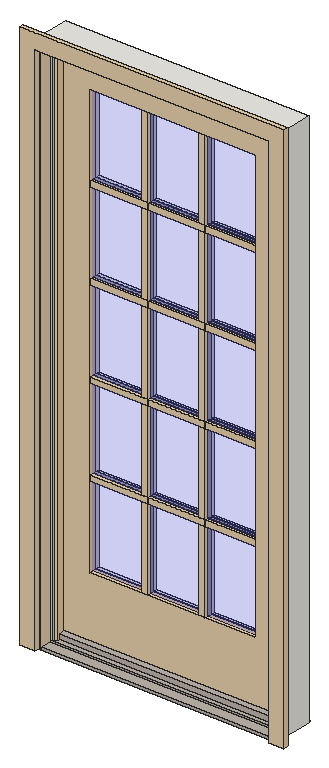
Revit family "Door-Outswing-Andersen-400_Series-Single 4", category Doors, host Wall, Revit 2013 (continued)
Dimensions and locks (in)
  aligned and locked: Masking region 13 sketch curve to plane 51 "Xjamb S1"
  aligned and locked: plane 7 "Wall S2" to Masking region 14 sketch curve
  aligned and locked: level to Masking region 14 sketch curve
  aligned and locked: plane 8 "Interior Casing" to Masking region 14 sketch curve
  aligned and locked: plane 40 "T Int Casing" to Masking region 14 sketch curve
  aligned and locked: plane 8 "Interior Casing" to curve 38
  aligned and locked: Masking region 15 sketch curve to plane 51 "Xjamb S1"
  aligned and locked: level to Masking region 15 sketch curve
  aligned and locked: Masking region 15 sketch curve to host wall
  aligned and locked: plane 41 "T Xjamb 2" to Masking region 15 sketch curve
  aligned and locked: plane 51 "Xjamb S1" to curve 39
  aligned and locked: host wall to curve 39
  aligned and locked: plane 61 "Panel2 S1" to Sweep 11 sketch curve  (x2)
  aligned and locked: plane 43 "L Panel" to curve 5
  aligned and locked: plane 62 "Panel2 S2" to Sweep 7
  aligned and locked: Sweep 7 to plane 4 "L Frame"
  aligned and locked: Sweep 7 to plane 9 "Frame S2"
  aligned and locked: curve 29 to plane 67 "R Glazing"
  aligned and locked: curve 40 to plane 43 "L Panel"
  aligned and locked: Sweep 9 sketch curve to plane 55 "Sill Interior"
  aligned and locked: plane 56 "Sill Exterior" to Sweep 9 sketch curve
  aligned and locked: Sweep 9 sketch curve to plane 60 "Sill Height"
  aligned and locked: Sweep 7 to plane 5 "T Frame"
  aligned and locked: curve 15 to plane 10 "Flange"
  aligned and locked: plane 10 "Flange" to curve 16
  aligned and locked: Sweep 12 sketch curve to plane 69 "Front of Glazing"  (x2)
  aligned and locked: Sweep 12 sketch curve to plane 48 "T Glazing"
  aligned and locked: plane 68 "Back of Glazing" to Sweep 12 sketch curve
  aligned and locked: curve 75 to plane 62 "Panel2 S2"
  aligned and locked: Sweep 12 to plane 69 "Front of Glazing"
  aligned and locked: plane 68 "Back of Glazing" to Sweep 12
  aligned and locked: curve 86 to curve 85
  aligned and locked: curve 94 to plane 62 "Panel2 S2"
  aligned and locked: curve 106 to plane 69 "Front of Glazing"
  aligned and locked: curve 110 to plane 69 "Front of Glazing"
  aligned and locked: curve 115 to plane 62 "Panel2 S2"
  aligned and locked: plane 61 "Panel2 S1" to curve 33
  aligned and locked: plane 48 "T Glazing" to nested 3
  aligned and locked: plane 2 "Center (Left/Right)" to nested 3
  aligned and locked: plane 48 "T Glazing" to nested 4
  aligned and locked: plane 48 "T Glazing" to nested 5
  aligned and locked: nested 2 to plane 49 "L Glazing"
  aligned and locked: nested 1 to plane 49 "L Glazing"
  aligned and locked: nested 6 to plane 49 "L Glazing"
  aligned and locked: nested 7 to plane 49 "L Glazing"
  aligned and locked: plane 17 "R Casing 1" to Masking region 16 sketch curve
  aligned and locked: plane 11 "Frame S1" to Masking region 16 sketch curve
  aligned and locked: plane 3 "R Frame" to Masking region 16 sketch curve
  aligned and locked: Masking region 16 sketch curve to plane 13 "Casing S1"
  aligned and locked: Masking region 16 sketch curve to plane 20 "R Casing 4"
  aligned and locked: plane 10 "Flange" to Masking region 16 sketch curve
  aligned and locked: Masking region 17 sketch curve to level
  aligned and locked: plane 13 "Casing S1" to Masking region 17 sketch curve
  aligned and locked: Masking region 17 sketch curve to plane 11 "Frame S1"
  aligned and locked: plane 5 "T Frame" to Masking region 17 sketch curve
  aligned and locked: Masking region 17 sketch curve to plane 10 "Flange"
  aligned and locked: Masking region 17 sketch curve to plane 32 "T Casing 4"
  aligned and locked: plane 53 "Stop Exterior" to curve 124
  aligned and locked: curve 121 to plane 4 "L Frame"
  aligned and locked: curve 148 to plane 53 "Stop Exterior"
  aligned and locked: plane 19 "R Casing 3" to Masking region 16 sketch curve
  aligned and locked: Sweep 3 to Masking region 16 sketch curve
  aligned and locked: plane 47 "B Glazing" to Sweep 12 sketch curve
  aligned and locked: curve 50 to plane 55 "Sill Interior"
  aligned and locked: plane 54 "Stop Interior" to Sweep 7 sketch curve
  aligned and locked: Sweep 7 sketch curve to plane 53 "Stop Exterior"
  aligned and locked: plane 57 "L Stop" to Sweep 7 sketch curve
  aligned and locked: plane 52 "Frame S2 Ext" to Sweep 7 sketch curve
  aligned and locked: curve 171 to plane 68 "Back of Glazing"
  aligned and locked: curve 172 to Sweep 7
  aligned and locked: plane 68 "Back of Glazing" to curve 174
  aligned and locked: curve 185 to plane 68 "Back of Glazing"
  aligned and locked: curve 188 to plane 61 "Panel2 S1"
  aligned and locked: curve 191 to Sweep 11
  aligned and locked: curve 192 to plane 61 "Panel2 S1"
  aligned and locked: curve 196 to plane 43 "L Panel"
  aligned and locked: plane 61 "Panel2 S1" to curve 196
  aligned and locked: plane 44 "R Panel" to curve 197
  aligned and locked: curve 196 to curve 197
  aligned and locked: plane 46 "B Panel" to curve 199
  aligned and locked: plane 64 "Panel Elevation Center" to curve 199
  aligned and locked: plane 45 "T Panel" to curve 198
  aligned and locked: curve 193 to plane 67 "R Glazing"
  aligned and locked: plane 49 "L Glazing" to curve 194
  aligned and locked: curve 115 to curve 149
  aligned and locked: curve 118 to curve 91
  aligned and locked: curve 109 to curve 90
  aligned and locked: plane 49 "L Glazing" to curve 109
  aligned and locked: plane 67 "R Glazing" to curve 109
  aligned and locked: curve 145 to plane 3 "R Frame"
  aligned and locked: Sweep 7 sketch curve to plane 43 "L Panel"
  aligned and locked: curve 117 to curve 105
  aligned and locked: curve 143 to curve 33
  aligned and locked: curve 119 to curve 33
  aligned and locked: curve 173 to curve 147
  aligned and locked: plane 47 "B Glazing" to curve 73
  aligned and locked: plane 61 "Panel2 S1" to curve 74
  aligned and locked: plane 44 "R Panel" to Sweep 13 sketch curve
  aligned and locked: plane 43 "L Panel" to Sweep 13 sketch curve
  aligned and locked: Sweep 13 sketch curve to plane 64 "Panel Elevation Center"
  aligned and locked: plane 46 "B Panel" to Sweep 13 sketch curve
  aligned and locked: plane 48 "T Glazing" to Sweep 13 sketch curve
  aligned and locked: plane 68 "Back of Glazing" to Sweep 13 sketch curve
  aligned and locked: Sweep 13 sketch curve to plane 45 "T Panel"
  aligned and locked: Sweep 13 sketch curve to plane 62 "Panel2 S2"
  aligned and locked: plane 2 "Center (Left/Right)" to Sweep 14 sketch curve
  aligned and locked: plane 59 "T Stop" to Sweep 14 sketch curve
  aligned and locked: plane 46 "B Panel" to Sweep 14 sketch curve
  aligned and locked: plane 49 "L Glazing" to Sweep 14 sketch curve
  aligned and locked: Sweep 14 sketch curve to plane 43 "L Panel"
  aligned and locked: Sweep 14 sketch curve to plane 62 "Panel2 S2"  (x2)
  aligned and locked: plane 68 "Back of Glazing" to Sweep 14 sketch curve  (x2)
  aligned and locked: plane 67 "R Glazing" to Sweep 14 sketch curve
  aligned and locked: plane 44 "R Panel" to Sweep 14 sketch curve
  aligned and locked: plane 62 "Panel2 S2" to Sweep 13 sketch curve
  aligned and locked: Sweep 13 sketch curve to plane 47 "B Glazing"
  aligned and locked: plane 46 "B Panel" to curve 11
  aligned and locked: plane 46 "B Panel" to curve 10
  aligned and locked: Sweep 13 sketch curve to plane 68 "Back of Glazing"
  aligned and locked: plane 68 "Back of Glazing" to Sweep 11 sketch curve
  aligned and locked: plane 47 "B Glazing" to Sweep 11 sketch curve
  aligned and locked: plane 48 "T Glazing" to Sweep 15 sketch curve
  aligned and locked: plane 47 "B Glazing" to Sweep 15 sketch curve
  aligned and locked: plane 2 "Center (Left/Right)" to Sweep 15 sketch curve
  aligned and locked: plane 61 "Panel2 S1" to Sweep 15 sketch curve  (x2)
  aligned and locked: Sweep 15 sketch curve to plane 68 "Back of Glazing"  (x2)
  aligned and locked: plane 67 "R Glazing" to Sweep 15 sketch curve
  aligned and locked: plane 49 "L Glazing" to Sweep 15 sketch curve
  aligned and locked: plane 67 "R Glazing" to Sweep 12 sketch curve
  aligned and locked: plane 49 "L Glazing" to Sweep 12 sketch curve
  aligned and locked: plane 13 "Casing S1" to Masking region 16 sketch curve
  aligned and locked: Masking region 16 sketch curve to plane 23 "L Casing 4"
  aligned and locked: Masking region 16 sketch curve to plane 10 "Flange"
  aligned and locked: plane 4 "L Frame" to Masking region 16 sketch curve
  aligned and locked: plane 26 "L Casing 1" to Masking region 16 sketch curve
  aligned and locked: plane 12 "Casing S2" to Masking region 16 sketch curve
  aligned and locked: Masking region 16 sketch curve to plane 11 "Frame S1"
  aligned and locked: plane 18 "R Casing 2" to Masking region 16 sketch curve
  aligned and locked: plane 25 "L Casing 2" to Masking region 16 sketch curve
  aligned and locked: plane 24 "L Casing 3" to Masking region 16 sketch curve
  aligned and locked: plane 13 "Casing S1" to curve 1
  aligned and locked: plane 31 "T Casing 3" to curve 1
  aligned and locked: plane 52 "Frame S2 Ext" to curve 3
  aligned and locked: plane 44 "R Panel" to Sweep 10 sketch curve
  aligned and locked: plane 43 "L Panel" to Sweep 10 sketch curve
  aligned and locked: Split face 1 sketch curve to plane 68 "Back of Glazing"
  aligned and locked: Split face 2 sketch curve to plane 68 "Back of Glazing"
  aligned and locked: plane 68 "Back of Glazing" to Split face 3 sketch curve
  aligned and locked: level to Sweep 16 sketch curve
  aligned and locked: plane 65 "Vertical Bar Length" to Sweep 16 sketch curve
  aligned and locked: Sweep 16 sketch curve to plane 4 "L Frame"
  aligned and locked: plane 52 "Frame S2 Ext" to Sweep 16 sketch curve
  aligned and locked: plane 9 "Frame S2" to Sweep 16 sketch curve
  aligned and locked: Sweep 16 sketch curve to plane 3 "R Frame"
  aligned and locked: plane 58 "R Stop" to Sweep 16 sketch curve
  aligned and locked: Sweep 16 sketch curve to plane 52 "Frame S2 Ext"
  aligned and locked: Sweep 16 sketch curve to plane 9 "Frame S2"
  aligned and locked: plane 4 "L Frame" to Masking region 5 sketch curve
  aligned and locked: plane 5 "T Frame" to Masking region 5 sketch curve
  aligned and locked: Masking region 5 sketch curve to plane 3 "R Frame"
  aligned and locked: plane 10 "Flange" to curve 17
  aligned and locked: plane 52 "Frame S2 Ext" to curve 200
  aligned and locked: plane 9 "Frame S2" to curve 200
  aligned and locked: plane 46 "B Panel" to curve 200
  aligned and locked: curve 160 to plane 52 "Frame S2 Ext"
  aligned and locked: plane 5 "T Frame" to curve 161
  aligned and locked: plane 42 "T Xjamb 1" to curve 38
  aligned and locked: plane 52 "Frame S2 Ext" to curve 6
  aligned and locked: plane 9 "Frame S2" to curve 6
  aligned and locked: curve 6 to plane 45 "T Panel"
  aligned and locked: plane 12 "Casing S2" to curve 2
  aligned and locked: plane 13 "Casing S1" to curve 4
  aligned and locked: curve 10 to plane 43 "L Panel"
  aligned and locked: curve 11 to plane 44 "R Panel"
  aligned and locked: Masking region 9 to curve 198
Automatic sketch dimensions
  curve 5 to curve 5 = 0' - 2 25/32"
  curve 42 to curve 45 = 0' - 0.76352"
  curve 44 to curve 45 = 0' - 1.85543"
  curve 47 to curve 49 = 0' - 1.69057"
  curve 49 to curve 41 = 0' - 1.69048"
  curve 48 to curve 48 = 0' - 0.17079"
  curve 49 to curve 42 = 0' - 0.32"
  curve 47 to curve 47 = 0' - 0.2676"
  curve 41 to curve 42 = 0' - 0.18"
  curve 43 to curve 44 = 0' - 0 3/4"
  curve 52 to curve 55 = 0' - 0.76352"
  curve 54 to curve 55 = 0' - 1.85543"
  curve 57 to curve 59 = 0' - 1.69057"
  curve 59 to curve 51 = 0' - 1.69048"
  curve 58 to curve 58 = 0' - 0.17079"
  curve 59 to curve 52 = 0' - 0.32"
  curve 57 to curve 57 = 0' - 0.2676"
  curve 51 to curve 52 = 0' - 0.18"
  curve 53 to curve 54 = 0' - 0 3/4"
  Sweep 8 sketch curve to level = 0' - 0"  (x2)
  profile plane to Sweep 9 sketch curve = 0' - 0"
  curve 14 to plane 42 "T Xjamb 1" = 0' - 0"
  curve 13 to level = 0' - 0"
  curve 12 to level = 0' - 0"
  curve 155 to curve 177 = 0' - 1.93235"
  curve 176 to curve 178 = 0' - 0.35799"
  curve 157 to curve 157 = 0' - 1.244"
  curve 158 to curve 160 = 0' - 1.41225"
  curve 175 to curve 177 = 0' - 0.57159"
  curve 176 to curve 155 = 0' - 0.38475"
  curve 157 to curve 158 = 0' - 0 3/4"
  curve 159 to curve 160 = 0' - 0 9/16"
  curve 177 to curve 175 = 0' - 0.30067"
  curve 177 to curve 178 = 0' - 0.92841"
  curve 178 to curve 179 = 0' - 0.40417"
  curve 163 to curve 182 = 0' - 1.93235"
  curve 181 to curve 183 = 0' - 0.35799"
  curve 164 to curve 164 = 0' - 1.244"
  curve 165 to curve 167 = 0' - 1.41225"
  curve 180 to curve 182 = 0' - 0.57159"
  curve 181 to curve 163 = 0' - 0.38475"
  curve 164 to curve 165 = 0' - 0 3/4"
  curve 166 to curve 167 = 0' - 0 9/16"
  curve 182 to curve 180 = 0' - 0.30067"
  curve 182 to curve 183 = 0' - 0.92841"
  curve 183 to curve 184 = 0' - 0.40417"
  curve 80 to curve 80 = 0' - 0.47475"
  curve 79 to curve 76 = 0' - 0.744"
  curve 76 to curve 76 = 0' - 0 1/2"
  curve 75 to curve 77 = 0' - 0 1/8"
  curve 78 to curve 80 = 0' - 0.61991"
  curve 75 to curve 75 = 0' - 0.802"
  curve 75 to curve 77 = 0' - 0.10505"
  curve 80 to curve 79 = 0' - 0.16214"
  curve 81 to curve 78 = 0' - 0 1/8"
  curve 66 to curve 66 = 0' - 0.47475"
  curve 65 to curve 62 = 0' - 0.744"
  curve 62 to curve 62 = 0' - 0 1/2"
  curve 61 to curve 63 = 0' - 0 1/8"
  curve 64 to curve 66 = 0' - 0.61991"
  curve 61 to curve 61 = 0' - 0.802"
  curve 61 to curve 63 = 0' - 0.10505"
  curve 66 to curve 65 = 0' - 0.16214"
  curve 67 to curve 64 = 0' - 0 1/8"
  curve 73 to curve 73 = 0' - 0.47475"
  curve 72 to curve 69 = 0' - 0.744"
  curve 69 to curve 69 = 0' - 0 1/2"
  curve 70 to curve 68 = 0' - 0 1/8"
  curve 73 to curve 71 = 0' - 0.61991"
  curve 68 to curve 68 = 0' - 0.802"
  curve 70 to curve 68 = 0' - 0.10505"
  curve 72 to curve 73 = 0' - 0.16214"
  curve 71 to curve 74 = 0' - 0 1/8"
  curve 107 to curve 107 = 0' - 0 1/2"
  curve 106 to curve 104 = 0' - 0.744"
  curve 103 to curve 102 = 0' - 0.47475"
  curve 107 to curve 193 = 0' - 0"
  curve 102 to curve 193 = 0' - 0"
  curve 103 to curve 103 = 0' - 0.14506"
  curve 103 to curve 105 = 0' - 0.92895"
  curve 193 to curve 107 = 0' - 0.17077"
  curve 104 to curve 102 = 0' - 0 1/128"
  curve 105 to curve 108 = 0' - 0 1/128"
  curve 93 to curve 93 = 0' - 0 1/2"
  curve 92 to curve 90 = 0' - 0.744"
  curve 89 to curve 88 = 0' - 0.47475"
  curve 93 to curve 194 = 0' - 0"
  curve 88 to curve 194 = 0' - 0"
  curve 89 to curve 89 = 0' - 0.14506"
  curve 91 to curve 89 = 0' - 0.92895"
  curve 93 to curve 194 = 0' - 0.17077"
  curve 88 to curve 90 = 0' - 0 1/128"
  curve 94 to curve 91 = 0' - 0 1/128"
  curve 100 to curve 100 = 0' - 0 1/2"
  curve 99 to curve 97 = 0' - 0.744"
  curve 96 to curve 95 = 0' - 0.47475"
  curve 100 to curve 195 = 0' - 0"
  curve 95 to curve 195 = 0' - 0"
  curve 96 to curve 96 = 0' - 0.14506"
  curve 98 to curve 96 = 0' - 0.92895"
  curve 100 to curve 195 = 0' - 0.17077"
  curve 95 to curve 97 = 0' - 0 1/128"
  curve 101 to curve 98 = 0' - 0 1/128"
  Sweep 7 sketch curve to profile plane = 0' - 0"
  Sweep 7 sketch curve to plane 10 "Flange" = 0' - 4 9/16"
  curve 16 to plane 3 "R Frame" = 0' - 0"
  curve 7 to plane 3 "R Frame" = 0' - 0"
  curve 7 to plane 17 "R Casing 1" = 0' - 0 1/8"
  plane 43 "L Panel" to curve 115 = 0' - 0.09818"
  curve 11 to level = 0' - 0"
  curve 10 to level = 0' - 0"
  Masking region 17 sketch curve to plane 10 "Flange" = 0' - 0"
  plane 44 "R Panel" to Masking region 9 sketch curve = 0' - 0 1/256"
  Sweep 8 to Split face 1 sketch curve = 0' - 0"  (x2)
  Split face 2 sketch curve to Sweep 8 = 0' - 0"  (x2)
  Split face 3 sketch curve to Sweep 8 = 0' - 0"
  Sweep 8 to Split face 3 sketch curve = 0' - 0"
  plane 4 "L Frame" to Sweep 16 sketch curve = 0' - 0.01285"
  Sweep 16 sketch curve to Sweep 16 sketch curve = 0' - 0 9/16"
  Sweep 16 sketch curve to plane 10 "Flange" = 0' - 0.13232"  (x2)
  Sweep 16 sketch curve to Sweep 16 sketch curve = 0' - 0 23/32"
  Sweep 16 sketch curve to Sweep 16 sketch curve = 0' - 0 3/8"
  Sweep 16 sketch curve to Sweep 16 sketch curve = 0' - 0 5/16"  (x2)
  profile plane to Sweep 16 sketch curve = 0' - 1.7059"
  Sweep 16 sketch curve to Sweep 16 sketch curve = 0' - 0 7/16"
  profile plane to Sweep 16 sketch curve = 0' - 1.0184"
  profile plane to Sweep 16 sketch curve = 0' - 0.54965"
  Sweep 16 sketch curve to Sweep 16 sketch curve = 0' - 1 23/32"  (x2)
  Sweep 16 sketch curve to Sweep 16 sketch curve = 0' - 0.19952"  (x2)
  Sweep 16 sketch curve to Sweep 16 sketch curve = 0' - 0.37207"  (x2)
  Sweep 16 sketch curve to Sweep 16 sketch curve = 0' - 0.92841"  (x2)
  curve 32 to plane 56 "Sill Exterior" = 0' - 0"
  curve 5 to plane 53 "Stop Exterior" = 0' - 0"
  curve 116 to plane 9 "Frame S2" = 0' - 0"
  curve 32 to plane 9 "Frame S2" = 0' - 0"
  curve 187 to plane 53 "Stop Exterior" = 0' - 0"
  curve 188 to plane 43 "L Panel" = 0' - 0.00338"
  curve 110 to plane 67 "R Glazing" = 0' - 0"
  curve 40 to plane 53 "Stop Exterior" = 0' - 0"
  curve 117 to plane 68 "Back of Glazing" = 0' - 0"
  curve 118 to plane 68 "Back of Glazing" = 0' - 0"
  curve 172 to plane 61 "Panel2 S1" = 0' - 0"
  plane 44 "R Panel" to curve 189 = 0' - 0 1/256"
  curve 110 to plane 49 "L Glazing" = 0' - 0.00274"
  plane 39 "L Xjamb 1" to curve 171 = 0' - 0.05953"
  curve 173 to plane 68 "Back of Glazing" = 0' - 0 3/16"
  curve 9 to host wall = 0' - 0"
  curve 191 to plane 61 "Panel2 S1" = 0' - 0"
  curve 8 to level = 0' - 0"
  curve 8 to plane 61 "Panel2 S1" = 0' - 0"
  plane 45 "T Panel" to curve 37 = 0' - 0"
  plane 30 "T Casing 2" to curve 1 = 0' - 0"
  plane 48 "T Glazing" to curve 82 = 0' - 0"
  curve 82 to plane 69 "Front of Glazing" = 0' - 0"
  curve 86 to plane 69 "Front of Glazing" = 0' - 0"
  curve 86 to plane 68 "Back of Glazing" = 0' - 0"
  curve 83 to plane 68 "Back of Glazing" = 0' - 0"
  curve 191 to plane 68 "Back of Glazing" = 0' - 0"
  curve 186 to plane 61 "Panel2 S1" = 0' - 0"
  curve 4 to plane 11 "Frame S1" = 0' - 0"
  plane 48 "T Glazing" to curve 83 = 0' - 0"
  plane 60 "Sill Height" to curve 186 = 0' - 0.31365"
  curve 190 to plane 59 "T Stop" = 0' - 0.08485"
  curve 82 to curve 84 = 0' - 0 1/8"
  curve 83 to curve 84 = 0' - 0 1/8"
  curve 156 to curve 34 = 0' - 0.18985"
  plane 44 "R Panel" to curve 199 = 0' - 0 1/256"
  plane 44 "R Panel" to curve 198 = 0' - 0 1/256"
Nested families (in)
  nested 1: "Andersen Grille Bar" at (0, 1.52525, 42.1875) x (0, 0, 1) z (0, 1, 0), Bar Length <- "H DLO", visible <- "TS S H Craftsman", type "Andersen Grille Bar"
    with Glass / 2 0' - 0 3/16", Glass 0' - 0 3/4", Center Line Length 2' - 0 143/256", Center Line 2, Bar Width 0' - 0 3/4", Bar Length 2' - 0 143/256"
  nested 2: "Andersen Grille Bar" at (0, 1.52525, 42.1875) x (0, 0, 1) z (0, 1, 0), Bar Width <- "Grille Bar Size", Bar Length <- "H DLO", visible <- "TS S H", type "Andersen Grille Bar"
    with Glass / 2 0' - 0 3/16", Glass 0' - 0 3/4", Center Line Length 2' - 0 143/256", Center Line 2, Bar Width 0' - 0 7/8", Bar Length 2' - 0 143/256"
  nested 3: "Andersen Grille Bar" at (0, 1.52525, 42.1875) x (1, 0, 0) z (0, 1, 0), Bar Length <- "TS V Bar Length", Bar Width <- "Grille Bar Size", visible <- "TS S V", type "Andersen Grille Bar"
    with Glass / 2 0' - 0 3/16", Glass 0' - 0 3/4", Center Line Length 5' - 3 3/4", Center Line 2, Bar Width 0' - 0 7/8", Bar Length 5' - 3 3/4"
  nested 4: "Andersen Grille Bar" at (4.23893, 1.52525, 42.1875) x (1, 0, 0) z (0, 1, 0), Bar Length <- "TS V Bar Length", visible <- "TS M V", type "Andersen Grille Bar"
    with Glass / 2 0' - 0 3/16", Glass 0' - 0 3/4", Center Line Length 5' - 3 3/4", Center Line 2, Bar Width 0' - 0 7/8", Bar Length 5' - 3 3/4"
  nested 5: "Andersen Grille Bar" at (-4.23893, 1.52525, 42.1875) x (1, 0, 0) z (0, 1, 0), Bar Length <- "TS V Bar Length", visible <- "TS M V", type "Andersen Grille Bar"
    with Glass / 2 0' - 0 3/16", Glass 0' - 0 3/4", Center Line Length 5' - 3 3/4", Center Line 2, Bar Width 0' - 0 7/8", Bar Length 5' - 3 3/4"
  nested 6: "Andersen Grille Bar" at (0, 1.52525, 61.575) x (0, 0, 1) z (0, 1, 0), Bar Width <- "Grille Bar Size", Bar Length <- "H DLO", visible <- "TS M H", type "Andersen Grille Bar"
    with Glass / 2 0' - 0 3/16", Glass 0' - 0 3/4", Center Line Length 2' - 0 143/256", Center Line 2, Bar Width 0' - 0 7/8", Bar Length 2' - 0 143/256"
  nested 7: "Andersen Grille Bar" at (0, 1.52525, 22.8) x (0, 0, 1) z (0, 1, 0), Bar Width <- "Grille Bar Size", Bar Length <- "H DLO", visible <- "TS M H", type "Andersen Grille Bar"
    with Glass / 2 0' - 0 3/16", Glass 0' - 0 3/4", Center Line Length 2' - 0 143/256", Center Line 2, Bar Width 0' - 0 7/8", Bar Length 2' - 0 143/256"
  nested 8: "Andersen Grille Bar" at (0, 1.52525, 48.65) x (0, 0, 1) z (0, 1, 0), Bar Width <- "Grille Bar Size", Bar Length <- "H DLO", visible <- "TS M H", type "Andersen Grille Bar"
    with Glass / 2 0' - 0 3/16", Glass 0' - 0 3/4", Center Line Length 2' - 0 143/256", Center Line 2, Bar Width 0' - 0 7/8", Bar Length 2' - 0 143/256"
  nested 9: "Andersen Grille Bar" at (0, 1.52525, 35.725) x (0, 0, 1) z (0, 1, 0), Bar Width <- "Grille Bar Size", Bar Length <- "H DLO", visible <- "TS M H", type "Andersen Grille Bar"
    with Glass / 2 0' - 0 3/16", Glass 0' - 0 3/4", Center Line Length 2' - 0 143/256", Center Line 2, Bar Width 0' - 0 7/8", Bar Length 2' - 0 143/256"
Definition of nested family "Andersen Grille Bar"
  Parameters (values of type "Andersen Grille Bar")
    Interior Bar Visibility = yes
    Interior Bar Material = none
    Glass / 2 [instance] = (Glass / 2) - 0' 0 3/16"  # 0' - 0 1/8"
    Glass [instance] = 0' - 0 5/8"
    Exterior Bar Visibility = yes
    Exterior Bar Finish = none
    Default Elevation = 4' - 0"
    Center Line Length [instance] = if(Center Line = 1, Bar Length + (Bar Width / 2), Bar Length)  # 0' - 4 7/16"
    Center Line [instance] = 1
    Between Glass Bar Visibility = yes
    Between Glass Bar Finish = none
    Bar Width [instance] = 0' - 0 7/8"
    Bar Length [instance] = 0' - 4"
  Reference planes (in)
    plane 1 "Center (Front/Back)": y = 0
    plane 2 "a": z = 0
    plane 3 "Center (Left/Right)": x = 0
    plane 4 "1": x = -0.4375
    plane 5 "2": x = 0.4375
    plane 6: y = 2
    plane 7: y = -2
    plane 8 "b": z = -0.625
    plane 9: z = -0.125
    plane 10: y = -2.4375
    plane 11 "a1": z = 12
    plane 12 "a2": z = -12
  Forms (in)
    Extrusion 1, solid
      sketch origin (0, 0, 0) x (1, 0, 0) y (0, 1, 0)
        loop
          line (-48, 48) -> (-48, -48) -> (48, -48) -> (48, 48) -> (-48, 48)
      from 0 to -12
    Extrusion 2, solid, material <- "Exterior Bar Finish", visible <- "Exterior Bar Visibility", detail levels fine
      sketch origin (0, 0, 0) x (1, 0, 0) y (0, 1, 0)
        loop
          line (-0.4375, 2) -> (-0.4375, -2) -> (0.4375, -2) -> (0.4375, 2) -> (-0.4375, 2)
      from 0 to 0.375
    Extrusion 3, solid, material <- "Between Glass Bar Finish", visible <- "Between Glass Bar Visibility", detail levels fine
      sketch origin (0, 0, 0) x (1, 0, 0) y (0, 1, 0)
        loop
          line (-0.4375, 2) -> (-0.4375, -2) -> (0.4375, -2) -> (0.4375, 2) -> (-0.4375, 2)
      from -0.5 to -0.125
    Extrusion 4, solid, material <- "Interior Bar Material", visible <- "Interior Bar Visibility", detail levels fine
      sketch origin (0, 0, 0) x (1, 0, 0) y (0, 1, 0)
        loop
          line (-0.4375, 2) -> (-0.4375, -2) -> (0.4375, -2) -> (0.4375, 2) -> (-0.4375, 2)
      from -1 to -0.625
  Lines and regions (in)
    model lines, style "GenericModel", detail levels coarse+medium
      curve 1: line (0, 2, 0) -> (0, -2.4375, 0)
    symbolic lines, style "GenericModel", detail levels coarse+medium
      curve 2: line (0, 2, 12) -> (0, -2.4375, 12)
      curve 3: line (0, 2, -12) -> (0, -2.4375, -12)
    model lines, style "InvisibleLines", not visible, detail levels coarse
      curve 4: line (0, 0, 12) -> (0, 0, -12)
    symbolic lines, detail levels fine
      curve 5: line (-0.4375, 2, 0) -> (-0.4375, -2, 0)
      curve 6: line (0.4375, 2, 0) -> (0.4375, -2, 0)
  Dimensions and locks (in)
    "Glass": plane 2 "a" to plane 8 "b"
    "Glass / 2": plane 2 "a" to plane 9
    locked: Extrusion 2 to Extrusion 2 at 0.375
    locked: plane 9 to Extrusion 3 at 0.375
    locked: plane 8 "b" to Extrusion 4 at 0.375
    equal spacing: plane 4 "1", plane 3 "Center (Left/Right)", plane 5 "2"
    equal spacing: plane 6, plane 1 "Center (Front/Back)", plane 7
    "Bar Width": plane 4 "1" to plane 5 "2"
    "Bar Length": plane 6 to plane 7
    "Center Line Length": plane 6 to plane 10
    locked: plane 11 "a1" to plane 2 "a" at 12
    locked: plane 2 "a" to plane 12 "a2" at 12
    aligned and locked: plane 2 "a" to Extrusion 1
    aligned and locked: level to Extrusion 1
    aligned and locked: Extrusion 2 to plane 2 "a"
    aligned and locked: Extrusion 2 to plane 4 "1"
    aligned and locked: plane 5 "2" to Extrusion 2
    aligned and locked: plane 6 to Extrusion 2
    aligned and locked: Extrusion 2 to plane 7
    aligned and locked: plane 9 to Extrusion 3
    aligned and locked: Extrusion 3 to plane 4 "1"
    aligned and locked: plane 5 "2" to Extrusion 3
    aligned and locked: plane 6 to Extrusion 3
    aligned and locked: Extrusion 3 to plane 7
    aligned and locked: plane 8 "b" to Extrusion 4
    aligned and locked: Extrusion 4 to plane 4 "1"
    aligned and locked: plane 5 "2" to Extrusion 4
    aligned and locked: plane 6 to Extrusion 4
    aligned and locked: Extrusion 4 to plane 7
    aligned and locked: plane 6 to curve 1
    aligned and locked: plane 10 to curve 1
    aligned and locked: curve 1 to plane 3 "Center (Left/Right)"
    aligned and locked: plane 6 to curve 2
    aligned and locked: plane 10 to curve 2
    aligned and locked: curve 2 to plane 3 "Center (Left/Right)"
    aligned and locked: plane 6 to curve 3
    aligned and locked: plane 10 to curve 3
    aligned and locked: curve 3 to plane 3 "Center (Left/Right)"
    aligned and locked: plane 11 "a1" to curve 4
    aligned and locked: plane 12 "a2" to curve 4
    aligned and locked: curve 4 to plane 1 "Center (Front/Back)"
    aligned and locked: plane 6 to curve 5
    aligned and locked: plane 6 to curve 6
    aligned and locked: plane 7 to curve 6
    aligned and locked: plane 7 to curve 5
    aligned and locked: curve 5 to plane 4 "1"
    aligned and locked: curve 6 to plane 5 "2"
  Automatic sketch dimensions
    Extrusion 1 sketch curve to Extrusion 1 sketch curve = 8' - 0"  (x2)
    plane 7 to Extrusion 2 sketch curve = 0' - 0"
    Extrusion 2 sketch curve to plane 5 "2" = 0' - 0 7/8"
    Extrusion 2 sketch curve to plane 6 = 0' - 0"
    Extrusion 2 sketch curve to Extrusion 2 sketch curve = 0' - 0 7/8"
    plane 7 to Extrusion 3 sketch curve = 0' - 0"
    Extrusion 3 sketch curve to plane 5 "2" = 0' - 0 7/8"
    Extrusion 3 sketch curve to plane 6 = 0' - 0"
    Extrusion 3 sketch curve to Extrusion 3 sketch curve = 0' - 0 7/8"
    Extrusion 4 sketch curve to plane 7 = 0' - 0"
    Extrusion 4 sketch curve to plane 5 "2" = 0' - 0 7/8"
    Extrusion 4 sketch curve to plane 6 = 0' - 0"
    Extrusion 4 sketch curve to Extrusion 4 sketch curve = 0' - 0 7/8"
